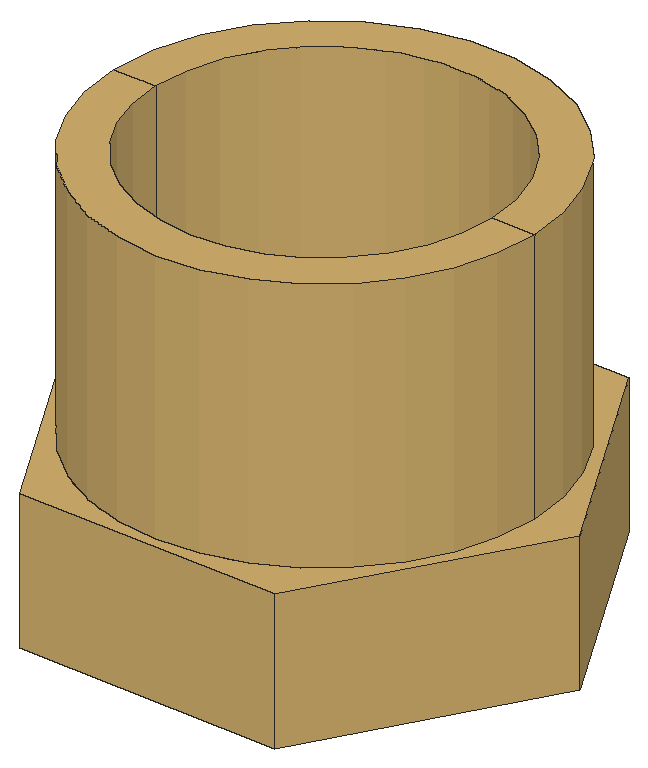
Revit family "Check Valve-JCI_Sapphire_Plus-(70bar)Novec1230", category Specialty Equipment, Revit 2017
Family settings
  Round Connector Dimension = Use Diameter
  Part Type = Normal
  OmniClass Number = 23.29.33.13.11
  Work Plane-Based = Yes
  Always vertical = Yes
  Cut with Voids When Loaded = No
  Shared = Yes
  Room Calculation Point = No
Parameters (values of type "25mm")
  Width = 0.00 mm
  VHW = 42.00 mm
  VH = 37.268 mm
  URL = "http://www.sapphireplus.com"
  Product Page URL = "http://www.sapphireplus.com"
  Product Documentation Link = "http://www.sapphireplus.com"
  Part Number = Model  # "302.209.004"
  Part Description = Description  # "Manifold Check Valve"
  Outlet = 20.00 mm
  Model Disclaimer = "For More Information Contact JOHNSON CONTROLS"  # constant formula
  Model = "302.209.004"
  Manufacturer = "Johnson Controls, Inc."  # constant formula
  Inlet = 16.00 mm
  Height = 0.00 mm
  Fire Suppression Agent = "3M™ Novec™ 1230 Fire Protection Fluid"  # constant formula
  Family Version = "1.0"  # constant formula
  Equipment Number = "XXX"  # constant formula
  Equipment Abbreviation = "CV"  # constant formula
  Description = "Manifold Check Valve"  # constant formula
  Default Elevation = 1219.20 mm
  Date Modified = "YYYY/MM/DD"  # constant formula
  Date Created = "2018/10/11"  # constant formula
  Copyright © = "Copyright © 2001-2018 Johnson Controls Inc."  # constant formula
  BG = 13.12 mm
  Assembly Code = "D4090300"
Types (2, lengths in mm): name | VHW | VH | Part Number | Outlet | Model | Inlet | Height | BG
  25mm | 42.00 | 37.268 | "302.209.004" | 20.00 | "302.209.004" | 16.00 | 0.00 | 13.12
  50mm | 70.00 | 55.46 | "302.209.005" | 34.00 | "302.209.005" | 30.00 | 55.46 | 16.12
Reference planes
  plane 1 "Center (Front/Back)": y = 0
  plane 2: z = 0
  plane 3 "Center (Left/Right)": x = 0
  plane 4 "Height Bottom": z = -13.12
  plane 5 "Height Top": z = 24.149
  plane 6 "Outlet": x = -20
  plane 7 "Inlet": x = -16
  plane 8 "VHW N": y = 21
  plane 9 "VHW S": y = -21
  plane 10 "VHW SW Middle": through (0, 0, 1219.2) normal (-0.866, 0.5, 0)
  plane 11 "VHW NW Middle": through (0, 0, 1219.2) normal (-0.866, -0.5, 0)
  plane 12 "VHW NW Right": through (29.187, -8.553, 1219.2) normal (-0.866, -0.5, 0)
  plane 13 "VHW SW Right": through (29.187, 8.553, 1219.2) normal (0.866, -0.5, 0)
  plane 14 "VHW NW Left": through (-7.186, -29.553, 1219.2) normal (-0.866, -0.5, 0)
  plane 15 "VHW SW Left": through (-7.186, 29.553, 1219.2) normal (0.866, -0.5, 0)
Forms (mm)
  Revolve 1, solid, material "JCI - Brass - Soft - Yellow - Satin"
    sketch origin (0, 0, 0) x (1, 0, 0) y (0, 0, 1)
      loop
        line (-16, 0) -> (-16, 24.149) -> (-20, 24.149) -> (-20, 0) -> (-16, 0)
      axis (0, 24.149) -> (0, 0)
    angle from 0 to 360
  Extrusion 2, solid, material "JCI - Brass - Soft - Yellow - Satin"
    sketch origin (0, 0, 0) x (1, 0, 0) y (0, 1, 0)
      loop
        line (-12.124, 21) -> (-24.249, 0) -> (-12.124, -21) -> (12.124, -21) -> (24.249, 0) -> (12.124, 21) -> (-12.124, 21)
      loop
        circle (0, 0) r 16
    from -13.12 to 0
Cuts and joins
  joined: Revolve 1, Extrusion 2
Dimensions and locks
  "BG": plane 2 to plane 4 "Height Bottom"
  "Inlet": plane 7 "Inlet" to plane 3 "Center (Left/Right)"
  "VH": plane 5 "Height Top" to plane 4 "Height Bottom"
  "Outlet": plane 6 "Outlet" to plane 3 "Center (Left/Right)"
  equal spacing: plane 8 "VHW N", plane 1 "Center (Front/Back)", plane 9 "VHW S"
  "VHW": plane 9 "VHW S" to plane 8 "VHW N"
  equal spacing: plane 13 "VHW SW Right", plane 10 "VHW SW Middle", plane 15 "VHW SW Left"
  "VHW": plane 15 "VHW SW Left" to plane 13 "VHW SW Right"
  equal spacing: plane 14 "VHW NW Left", plane 11 "VHW NW Middle", plane 12 "VHW NW Right"
  "VHW": plane 14 "VHW NW Left" to plane 12 "VHW NW Right"
  "Inlet": radius of Extrusion 2 sketch curve
  angle plane 10 "VHW SW Middle" to plane 3 "Center (Left/Right)" = 30.00°
  angle plane 1 "Center (Front/Back)" to plane 10 "VHW SW Middle" = 60.00°
  angle plane 11 "VHW NW Middle" to plane 1 "Center (Front/Back)" = 60.00°
  angle plane 3 "Center (Left/Right)" to plane 11 "VHW NW Middle" = 30.00°
  aligned and locked: plane 2 to level
  aligned and locked: Revolve 1 sketch curve to plane 7 "Inlet"
  aligned and locked: Revolve 1 sketch curve to plane 3 "Center (Left/Right)"
  aligned and locked: plane 5 "Height Top" to Revolve 1 sketch curve
  aligned and locked: plane 6 "Outlet" to Revolve 1 sketch curve
  aligned and locked: plane 15 "VHW SW Left" to Extrusion 2 sketch curve
  aligned and locked: Extrusion 2 sketch curve to plane 8 "VHW N"
  aligned and locked: plane 12 "VHW NW Right" to Extrusion 2 sketch curve
  aligned and locked: Extrusion 2 sketch curve to plane 13 "VHW SW Right"
  aligned and locked: plane 9 "VHW S" to Extrusion 2 sketch curve
  aligned and locked: Extrusion 2 sketch curve to plane 14 "VHW NW Left"
  aligned and locked: Extrusion 2 to plane 4 "Height Bottom"
  aligned and locked: plane 2 to Extrusion 2
Automatic sketch dimensions
  Revolve 1 sketch curve to plane 4 "Height Bottom" = 596.48 mm
  Revolve 1 sketch curve to level = 0.00 mm
  plane 5 "Height Top" to Revolve 1 sketch curve = 2584.909 mm
  plane 1 "Center (Front/Back)" to Extrusion 2 sketch curve = 0.00 mm
  Extrusion 2 sketch curve to plane 3 "Center (Left/Right)" = 0.00 mm
